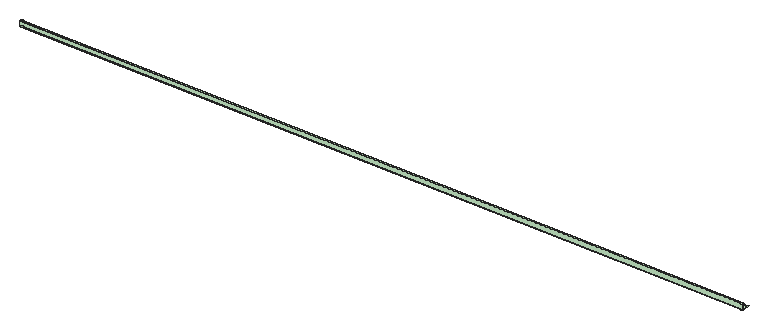
Revit family "el3025", category 機械設備, Revit 2022
Family settings
  丸型コネクタ寸法 = 直径を使用
  種別 = なし
  パーツ タイプ = 標準
  作業面ベース = いいえ
  常に垂直 = はい
  ロード時にボイドで切り取り = いいえ
  注釈の向きを維持 = いいえ
  共有 = いいえ
  部屋計算ポイント = いいえ
Parameters
  製造元 = "株式会社桐井製作所"
  既定の高さ = 0 mm
  URL = "https://www.kirii.co.jp/"
  K_長さ(mm) = 3200 mm
  K_板厚(mm) = 0.5 mm
  K_材質 = "カラー鋼板"
  K_品名 = "eL3025"
  K_名称 = "システム天井見切り"
  K_入数 = "30"
  K_バージョン情報 = "20220411"
Reference planes
  plane 1 "中心(正面/背面)": y = 0
  plane 2: z = 0
  plane 3 "中心(左/右)": x = 0
  plane 4: x = 3200
Forms (mm)
  Extrusion 1, solid
    sketch origin (0, 0, 0) x (0, 1, 0) y (0, 0, 1)
      loop
        line (1.8, 23.8) -> (1.8, 22.483) -> (2.4, 23.005) -> (2.4, 23.8)
        arc (2.4, 23.8) -> (2.049, 24.649) -> (1.2, 25) r 1.2
        arc (1.2, 25) -> (0.351, 24.649) -> (0, 23.8) r 1.2
        line (0, 23.8) -> (0, 1.2)
        arc (0, 1.2) -> (0.351, 0.351) -> (1.2, 0) r 1.2
        line (1.2, 0) -> (28.8, 0)
        arc (28.8, 0) -> (29.649, 0.351) -> (30, 1.2) r 1.2
        arc (30, 1.2) -> (29.649, 2.049) -> (28.8, 2.4) r 1.2
        line (28.8, 2.4) -> (27.478, 2.4) -> (28, 1.8) -> (28.8, 1.8)
        arc (28.8, 1.8) -> (29.224, 1.624) -> (29.4, 1.2) r 0.6
        arc (29.4, 1.2) -> (29.224, 0.776) -> (28.8, 0.6) r 0.6
        line (28.8, 0.6) -> (1.2, 0.6)
        arc (1.2, 0.6) -> (0.776, 0.776) -> (0.6, 1.2) r 0.6
        line (0.6, 1.2) -> (0.6, 23.8)
        arc (0.6, 23.8) -> (0.776, 24.224) -> (1.2, 24.4) r 0.6
        arc (1.2, 24.4) -> (1.624, 24.224) -> (1.8, 23.8) r 0.6
    from 0 to 3200
Dimensions and locks
  "K_長さ(mm)": plane 4 to plane 3 "中心(左/右)"
  aligned and locked: level to plane 2
  aligned and locked: plane 4 to Extrusion 1
Automatic sketch dimensions
  Extrusion 1 sketch curve to Extrusion 1 sketch curve = 0 mm  (x10)
  Extrusion 1 sketch curve to plane 1 "中心(正面/背面)" = 0 mm
  Extrusion 1 sketch curve to level = 0 mm
  Extrusion 1 sketch curve to Extrusion 1 sketch curve = 0.6 mm  (x3)
  level to Extrusion 1 sketch curve = 1.8 mm
  Extrusion 1 sketch curve to Extrusion 1 sketch curve = 26.8 mm
  Extrusion 1 sketch curve to Extrusion 1 sketch curve = 0.8 mm
  Extrusion 1 sketch curve to Extrusion 1 sketch curve = 21.283 mm
  Extrusion 1 sketch curve to Extrusion 1 sketch curve = 0.522 mm  (x2)
  Extrusion 1 sketch curve to Extrusion 1 sketch curve = 0.795 mm
